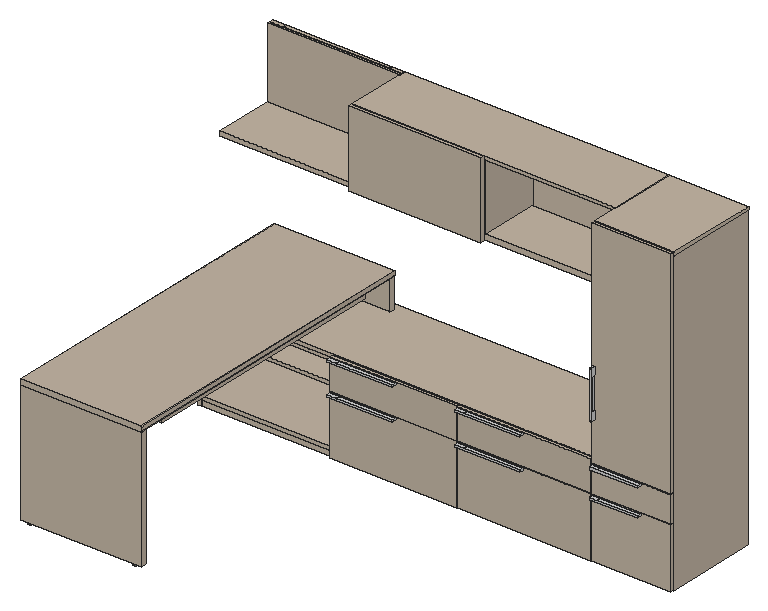
Revit family "FLT009", category Furniture, Revit 2015
Parameters
  Series = "Flux Laminate"
  Manufacturer = "JSI"
  Description = "FLT009"
Reference planes (in)
  plane 1 "Center Front/Back": y = 0
  plane 2: z = 0
  plane 3 "Center Left/Right": x = 0
Dimensions and locks (in)
  aligned and locked: level to plane 2
Nested families (in)
  nested 1: "JSI-Flux-Rec_Tbl_Desk-Sec_Sup" at (-35.72402, -7.43913, 0) x (0, -1, 0) z (0, 0, 1), type "FLT2872PDEPL, 72 x 28 Pen Tbl Dsk Sec Supp left, Laminate"
    with Width 6' - 0", Gld Pstn 5' - 11 9/32", Depth 2' - 3 1/2"
  nested 2: "JSI-Flux- 21H_File_Strg_Crdnz" at (-17.93587, 19.25, 0), type "FLT2290-21F066, Lt File Opn Strg Crdnz, Laminate"
    with Width 7' - 6", R_Shocket Dist 7' - 7", R_Pull Dist 4' - 11.61979", L_Socket Dist 1' - 0.29167", Shelf Width 2' - 5.70833", Partition Dist 2' - 4.95833", L_Pull_Bottom no, L_Pull Dist 2' - 6.38021", L_Pull no, L1_Partition no, F666 no, F066 yes, Ext_Shelf Width 2' - 6.45833", Door Width 2' - 6.33333", Door Dist 4' - 11.54167", Door Array Dist 0' - 0", C_Pull Dist 3' - 2.09115"
  nested 3: "JSI-Flux-Dbl_H-Wall_Mount_OH_Shelf" at (-17.83496, 19.25, 23.20059), type "FLT1530-17WMS, Wall Mount OH Shelf, Laminate"
    with Width 2' - 6"
  nested 4: "JSI-Flux-Wall_Mount_OH_Cab_Sldng_Dr" at (12.17594, 19.25, 23.21555), type "FLT1660-17WSD, Wall Mount OH Cab, Sldng Dr, Laminate"
    with Width 4' - 11 7/8", Partition Distance_R 2' - 5 9/16", Partition Distance_L 2' - 5 9/16", Door Width 2' - 5 7/8", Door Array Dist 0' - 0", Door Adjust Width 1' - 2 7/8", Door Adjust 4
  nested 5: "JSI-Flux-Wb_Sc_Ht" at (72.06413, 19.25, 0), type "FLT2218-69F5DR, BF Strg Cab, R, Laminate"
    with W yes, V_Void_Dist 0' - 2", V_Pull_L_R no, V_Pull_L_L yes, Top_Pull_Dist 0' - 0 5/16", R_Vertical_Pull_Dist 0' - 0 27/32", Partition no, L_Vertical_Pull_Dist 0' - 0 9/32", Hngr_R no, H_Void_Width 1' - 6 1/16", H_Void_Upper_Dist 0' - 2", H_Void_H_Dist 0' - 0", H_Dist_V_Void 0' - 8 31/32", H_Dist_C_Panel 0' - 0", Top_Shelf_Width 1' - 4 1/2", H_Dist_Top_Shelf 0' - 0 25/32", F7 no, F0 no, F no, C_Shelf_Width 1' - 4 1/2", C_Pull_Dist 0' - 0 5/16", Bottom_Shelf_Width 1' - 4 1/2", Bottom_Pull_Dist 0' - 0 5/16"
Definition of nested family "JSI-Flux-Rec_Tbl_Desk-Sec_Sup"
  Parameters (values of type "Type Catalog Family -Table Desk")
    Worksurface = none
    Width = 5' - 0"
    URL = "www.jsifurniture.com"
    Type Comments = ""
    Series = "FLUX"  # constant formula
    R Pnl H = if(R, 1' 9", 0' 0 5/16")  # 0' - 0 5/16"
    R = no
    Pnl Dist = if(R, Width - 0' 11 5/16", 0' 1 5/16")  # 0' - 1 5/16"
    Model = "FLT3466PDN"
    Material = ""
    Manufacturer = "JSI"  # constant formula
    L Pnl H = if(R, 0' 0 5/16", 1' 9")  # 1' - 9"
    Keynote = "12500"
    JSI Enviromental Website = "http://www.jsifurniture.com/jsi_sustainability_intro.php"
    Height = 2' - 5"
    Glides = none
    Gld Pstn = if(R, 0' 0 23/32", Width - 0' 0 23/32")  # 4' - 11 9/32"
    Frame = none
    Description = "66 X 34 Rectangular Peninsula Table Desk with End Leg Assembly and Panel End"
    Depth = 2' - 9 1/2"
    Chassis = none
    Assembly Code = "E2020200"
  Reference planes (in)
    plane 1: z = 0
    plane 2 "Center (Left/Right)": x = -36.06413
    plane 3: z = 29
    plane 4: z = 27.8125
    plane 5 "Center (Front/Back)": y = 10.75
    plane 6: z = 0.3125
    plane 7: y = -22.75
    plane 8: x = 23.93587
  Forms (in)
    Extrusion 1, solid, material <- "Worksurface"
      sketch origin (0, 0, 0) x (0, 1, 0) y (0, 0, 1)
        loop
          arc (10.625, 27.8125) -> (10.71339, 27.84911) -> (10.75, 27.9375) r 0.125
          line (10.75, 27.9375) -> (10.75, 28.875)
          arc (10.75, 28.875) -> (10.71339, 28.96339) -> (10.625, 29) r 0.125
          line (10.625, 29) -> (-22.625, 29)
          arc (-22.625, 29) -> (-22.71339, 28.96339) -> (-22.75, 28.875) r 0.125
          line (-22.75, 28.875) -> (-22.75, 27.9375)
          arc (-22.75, 27.9375) -> (-22.71339, 27.84911) -> (-22.625, 27.8125) r 0.125
          line (-22.625, 27.8125) -> (10.625, 27.8125)
      from -36.06413 to 23.93587
    Extrusion 2, solid, material <- "Glides"
      sketch origin (0, 0, 0) x (1, 0, 0) y (0, 1, 0)
        loop
          circle (23.21712, 8.87431) r 0.55846
        loop
          circle (23.21712, -20.87431) r 0.55846
      from 0 to 0.3125
    Extrusion 3, solid, material <- "Chassis"
      sketch origin (0, 9.92698, 5.11224) x (0, -1, 0) y (0, 0, -1)
        loop
          line (6.30198, -16.70026) -> (5.11448, -16.70026) -> (5.11448, -22.70026) -> (6.30198, -22.70026) -> (6.30198, -16.70026)
      from -34.75163 to 22.62337
    Extrusion 4, solid, material <- "Chassis"
      sketch origin (1.1875, 0, 0) x (1, 0, 0) y (0, 1, 0)
        loop
          line (-35.93913, -15.625) -> (-35.93913, -16.8125) -> (-25.93913, -16.8125) -> (-25.93913, -15.625) -> (-35.93913, -15.625)
      from 21 to 27.8125
    Extrusion 5, solid, material <- "Chassis"
      sketch origin (0, 0, 0) x (1, 0, 0) y (0, 1, 0)
        loop
          line (-35.93913, 10.625) -> (-35.93913, -22.625) -> (-34.75163, -22.625) -> (-34.75163, 10.625) -> (-35.93913, 10.625)
      from 21 to 27.8125
    Extrusion 6, solid, material <- "Chassis"
      sketch origin (0, 0, 0) x (1, 0, 0) y (0, 1, 0)
        loop
          line (22.62337, 10.625) -> (22.62337, -22.625) -> (23.81087, -22.625) -> (23.81087, 10.625) -> (22.62337, 10.625)
      from 0.3125 to 27.8125
  Lines and regions (in)
    symbolic lines
      curve 1: line (-36.06413, -22.75, 0) -> (23.93587, -22.75, 0)
      curve 2: line (-36.06413, 10.75, 0) -> (-36.06413, -22.75, 0)
      curve 3: line (23.93587, 10.75, 0) -> (-36.06413, 10.75, 0)
      curve 4: line (23.93587, -22.75, 0) -> (23.93587, 10.75, 0)
    symbolic lines, detail levels medium+fine
      curve 5: line (-35.93913, 10.625, 0) -> (-35.93913, -22.625, 0)
      curve 6: line (-34.75163, 10.625, 0) -> (-35.93913, 10.625, 0)
      curve 7: line (22.62337, 4.8125, 0) -> (-34.75163, 4.8125, 0)
      curve 8: line (-34.75163, 3.625, 0) -> (22.62337, 3.625, 0)
      curve 9: line (-34.75163, -22.625, 0) -> (-34.75163, 10.625, 0)
      curve 10: line (-35.93913, -22.625, 0) -> (-34.75163, -22.625, 0)
      curve 11: line (-34.72038, -15.625, 0) -> (-24.78288, -15.625, 0)
      curve 12: line (-34.72038, -16.8125, 0) -> (-34.72038, -15.625, 0)
      curve 13: line (-24.78288, -16.8125, 0) -> (-34.72038, -16.8125, 0)
      curve 14: line (-24.78288, -15.625, 0) -> (-24.78288, -16.8125, 0)
      curve 15: line (22.62337, 10.625, 0) -> (22.62337, -22.625, 0)
      curve 16: line (23.81087, 10.625, 0) -> (22.62337, 10.625, 0)
      curve 17: line (23.81087, -22.625, 0) -> (23.81087, 10.625, 0)
      curve 18: line (22.62337, -22.625, 0) -> (23.81087, -22.625, 0)
  Dimensions and locks (in)
    locked: plane 6 to level at 0.3125
    "Depth": plane 7 to plane 5 "Center (Front/Back)"
    locked: plane 3 to plane 4 at 1.1875
    plane 3 to level = 2' - 5"
    "Width": plane 2 "Center (Left/Right)" to plane 8
    locked: Extrusion 2 sketch curve to plane 5 "Center (Front/Back)" at 1.87569
    locked: plane 7 to Extrusion 2 sketch curve at 1.87569
    "Gld Pstn": plane 2 "Center (Left/Right)" to Extrusion 2 sketch curve  (x2)
    plane 5 "Center (Front/Back)" to Extrusion 3 sketch curve to Extrusion 3 sketch curve = 0' - 5 15/16" locked, 0' - 1 3/16" locked
    locked: plane 4 to Extrusion 3 sketch curve at 6
    locked: Extrusion 4 sketch curve to Extrusion 4 sketch curve at 1.1875
    locked: Extrusion 4 sketch curve to Extrusion 4 sketch curve at 10
    "Pnl Dist": plane 2 "Center (Left/Right)" to Extrusion 4
    locked: Extrusion 4 to curve 12 at 0.03125
    locked: curve 14 to Extrusion 4 at 0.03125
    "L Pnl H": Extrusion 5 to level
    "R Pnl H": Extrusion 6 to level
    locked: Extrusion 4 to level at 21
    aligned and locked: level to plane 1
    aligned and locked: Extrusion 1 sketch curve to plane 5 "Center (Front/Back)"
    aligned and locked: plane 3 to Extrusion 1 sketch curve
    aligned and locked: Extrusion 1 sketch curve to plane 4
    aligned and locked: plane 7 to Extrusion 1 sketch curve
    aligned and locked: Extrusion 1 to plane 2 "Center (Left/Right)"
    aligned and locked: plane 8 to Extrusion 1
    aligned and locked: Extrusion 2 to level
    aligned and locked: plane 6 to Extrusion 2
    aligned and locked: curve 2 to plane 2 "Center (Left/Right)"
    aligned and locked: plane 8 to curve 4
    aligned and locked: curve 3 to plane 5 "Center (Front/Back)"
    aligned and locked: plane 7 to curve 1
    aligned and locked: Extrusion 3 sketch curve to plane 4
    aligned and locked: curve 11 to Extrusion 4
    aligned and locked: curve 13 to Extrusion 4
    aligned and locked: plane 4 to Extrusion 4
    aligned and locked: Extrusion 5 sketch curve to curve 6
    aligned and locked: Extrusion 5 sketch curve to curve 5
    aligned and locked: Extrusion 5 sketch curve to curve 9
    aligned and locked: Extrusion 6 sketch curve to curve 16
    aligned and locked: Extrusion 6 sketch curve to curve 15
    aligned and locked: Extrusion 6 sketch curve to curve 18
    aligned and locked: Extrusion 6 sketch curve to curve 17
    aligned and locked: plane 4 to Extrusion 5
    aligned and locked: plane 4 to Extrusion 6
  Automatic sketch dimensions
    curve 5 to curve 9 = 0' - 1 3/16"
    curve 8 to curve 6 = 0' - 7"
    curve 8 to curve 7 = 0' - 1 3/16"
    Extrusion 1 sketch curve to Extrusion 1 sketch curve = 0' - 0 1/8"  (x3)
    plane 4 to Extrusion 1 sketch curve = 0' - 0 1/8"
    Extrusion 4 sketch curve to plane 8 = 4' - 10 11/16"
    Extrusion 4 sketch curve to plane 7 = 0' - 5 15/16"
    plane 2 "Center (Left/Right)" to curve 6 = 0' - 0 1/8"
    plane 5 "Center (Front/Back)" to curve 15 = 0' - 0 1/8"
    curve 15 to plane 8 = 0' - 1 5/16"
    curve 18 to plane 8 = 0' - 0 1/8"
    curve 15 to plane 7 = 0' - 0 1/8"
    curve 10 to plane 7 = 0' - 0 1/8"
    plane 5 "Center (Front/Back)" to curve 6 = 0' - 0 1/8"
    Extrusion 5 sketch curve to plane 7 = 0' - 0 1/8"
    radius of Extrusion 2 sketch curve = 0' - 0.55846"  (x2)
Definition of nested family "JSI-Flux- 21H_File_Strg_Crdnz"
  Parameters (values of type "Type Catalog - File Strg Crdnz")
    Worksurface = none
    Width = 8' - 0"
    URL = "www.jsifurniture.com"
    Type Comments = ""
    Top Doors = if(F909, 1 > 2, (if(F090, 1 > 2, (if(F09, 1 > 2, (if(F0, (if(F6, 2 > 1, 1 > 2)), 2 > 1)))))))  # yes
    TAG = if(F6, "BF", (if(F666, "BF - BF - BF", (if(F66, (if(F0, "Open", "BF - BF")), (if(F066, "Open - BF - BF", (if(F660, "BF - BF - Open", (if(F06, "Open - BF", (if(F60, "BF - Open", (if(F606, "BF - Open - BF", (if(F060, (if(F0, "Open", "Open - BF - Open")), (if(F909, "1 Door - Open - 1 Door", (if(F090, "Open - 1 Door - Open", (if(F09, (if(F0, "Open", "Open - 1 Door")), "Open")))))))))))))))))))))))  # "BF - BF - BF"
    R_Shocket Dist = if(F666, Width + 0' 1", (if(F066, Width + 0' 1", (if(F606, ((Width / 2) - 0' 3"), ((Partition Dist / 2) + 0' 0 13/16" - 0' 3"))))))  # 8' - 1"
    R_Pull_Bottom = if(F660, 1 > 2, (if(F60, 1 > 2, (if(F060, 1 > 2, (if(F909, 1 > 2, (if(F090, 1 > 2, (if(F09, 1 > 2, (if(F0, 1 > 2, 2 > 1)))))))))))))  # yes
    R_Pull Dist = if(F66, (Door Width + 0' 0 1/4" + 0' 0 5/64"), (if(F06, (Door Width + 0' 0 1/4" + 0' 0 5/64"), (Door Width + (Width - ((Door Width + 0' 0 1/8") * 2) + 0' 0 13/64")))))  # 5' - 3.61979"
    R_Pull = if(F660, 1 > 2, (if(F60, 1 > 2, (if(F060, 1 > 2, (if(F090, 1 > 2, (if(F0, 1 > 2, 2 > 1)))))))))  # yes
    R2_Partition = if(F660, 1 > 2, (if(F60, 1 > 2, (if(F09, 1 > 2, (if(Width < 3' 4", 1 > 2, 2 > 1)))))))  # yes
    R1_Partition = if(F06, 1 > 2, (if(F606, 1 > 2, (if(F060, 1 > 2, (if(F909, 1 > 2, (if(F090, 1 > 2, (if(Width < 3' 4", 1 > 2, 2 > 1)))))))))))  # yes
    L_Socket Dist = if(F666, Width + 0' 1", (if(F660, Width + 0' 1", (if(F606, ((Width / 2) - 0' 3"), ((Partition Dist / 2) + 0' 0 13/16" - 0' 3"))))))  # 8' - 1"
    Shelf Width = if(Width < 3' 6", Partition Dist + 0' 0 3/4", (if(F066, Partition Dist + 0' 0 3/4", (if(F660, Partition Dist + 0' 0 3/4", (if(F06, Partition Dist + 0' 0 3/4", (if(F60, Partition Dist + 0' 0 3/4", Partition Dist)))))))))  # 2' - 6.95833"
    Shelf Dist. = if(F660, ((Partition Dist * 2) + 0' 0 3/4" + 0' 0 13/16"), (if(F60, (Partition Dist + 0' 0 3/4" + 0' 0 13/16"), (if(F606, (Partition Dist + 0' 0 3/4" + 0' 0 13/16"), 0' 0 13/16")))))  # 0' - 0 13/16"
    Shelf Array Dist = if(F060, (if(F0, (if(Width > 3' 0", Shelf Width + 0' 0 3/4", 0' 0")), ((Shelf Width * 2) + 0' 1 1/2"))), (if(F909, Shelf Width + 0' 0 3/4", (if(F090, Shelf Width + 0' 0 3/4", 0' 0")))))  # 0' - 0"
    Partition Dist = if(Width > 6' 6", ((Width - 0' 1 5/8" - 0' 1 1/2") / 3), (if(Width > 3' 0", (((Width - 0' 1 5/8") / 2) - 0' 0 3/4"), (Width - 0' 0 3/4" - 0' 1 5/8"))))  # 2' - 6.95833"
    Shelf = none
    Series = "FLUX"  # constant formula
    Pull Finish = none
    Model = ""
    Manufacturer = "JSI"  # constant formula
    L_Pull_Bottom = if(F066, 1 > 2, (if(F06, 1 > 2, (if(F060, 1 > 2, (if(F909, 1 > 2, (if(F090, 1 > 2, (if(F09, 1 > 2, (if(F0, 1 > 2, 2 > 1)))))))))))))  # yes
    L_Pull Dist = Door Width + 0' 0 1/8" - 0' 0 5/64"  # 2' - 8.38021"
    L_Pull = if(F066, 1 > 2, (if(F06, 1 > 2, (if(F060, 1 > 2, (if(F090, 1 > 2, (if(F09, 1 > 2, (if(F0, 1 > 2, 2 > 1)))))))))))  # yes
    L2_Partition = if(F60, 1 > 2, (if(F606, 1 > 2, (if(F060, 1 > 2, (if(F909, 1 > 2, (if(F090, 1 > 2, (if(F09, 1 > 2, (if(Width < 3' 4", 1 > 2, 2 > 1)))))))))))))  # yes
    L1_Partition = if(F066, 1 > 2, (if(F06, 1 > 2, (if(Width < 3' 4", 1 > 2, 2 > 1)))))  # yes
    Keynote = "12500"
    JSI Enviromental Website = "http://www.jsifurniture.com/jsi_sustainability_intro.php"
    Height = 1' - 9 1/4"
    Glides = none
    Glide = if(Width > 3' 0", 2 > 1, 1 > 2)  # yes
    F909 = no
    F666 = yes
    F660 = no
    F66 = no
    F606 = no
    F60 = no
    F6 = no
    F090 = no
    F09 = no
    F066 = no
    F060 = no
    F06 = no
    F0 = no
    Ext_Shelf Width = Shelf Width + 0' 0 3/4"  # 2' - 7.70833"
    Ext_Shelf = if(F09, 2 > 1, (if(F60, 2 > 1, 1 > 2)))  # no
    Door Width = if(F09, Partition Dist + 0' 1 3/8" + 0' 0 3/4", (if(Width < 3' 6", (Width - 0' 0 1/4"), Partition Dist + 0' 1 3/8")))  # 2' - 8.33333"
    Door Height = if(F909, (Height - 0' 0 7/16" - 0' 0 1/8"), (if(F090, (Height - 0' 0 7/16" - 0' 0 1/8"), if(F09, (Height - 0' 0 7/16" - 0' 0 1/8"), 1' 1 9/16"))))  # 1' - 1 9/16"
    Door Dist = if(F066, ((Partition Dist * 2) + 0' 1 5/8"), (if(F06, (Partition Dist + 0' 1 5/8"), (if(F060, (Partition Dist + 0' 0 7/8"), (if(F090, (Partition Dist + 0' 0 7/8"), (if(F09, (Partition Dist + 0' 0 7/8"), 0' 0 1/8")))))))))  # 0' - 0 1/8"
    Door Array Dist = if(F606, (Door Width + Partition Dist + 0' 0 1/8"), (if(F909, (Door Width + Partition Dist + 0' 0 1/8"), (if(F666, (Door Width + Partition Dist + 0' 0 1/8"), (if(F66, (Door Width + 0' 0 1/8"), 0' 0")))))))  # 5' - 3.41667"
    Door = if(F0, (if(F6, 2 > 1, 1 > 2)), 2 > 1)  # yes
    C_Pull_Bottom = if(F666, 2 > 1, (if(F066, 2 > 1, (if(F660, 2 > 1, (if(F6, 2 > 1, (if(F060, (if(F0, 1 > 2, 2 > 1)), 1 > 2)))))))))  # yes
    C_Pull Dist = if(F066, Door Width + 0' 0 1/8" + 0' 7 55/128" + 0' 0 13/64", (if(F660, (Door Width + (Width - ((Door Width + 0' 0 1/8") * 2) - 0' 0 5/64" - 0' 7 55/128")), Width / 2)))  # 4' - 0"
    C_Pull = if(F666, 2 > 1, (if(F066, 2 > 1, (if(F660, 2 > 1, (if(F6, 2 > 1, (if(F090, 2 > 1, (if(F060, (if(F0, 1 > 2, 2 > 1)), 1 > 2)))))))))))  # yes
    C_Doors = if(F666, 2 > 1, (if(F066, 2 > 1, (if(F660, 2 > 1, 1 > 2)))))  # yes
    Back Panel = none
    Door Front = none
    Description = ""
    Depth = 1' - 10"
    Chassis = none
    Assembly Code = "E2020200"
    # of Shelf = if(F909, 3, (if(F090, 3, (if(F0, (if(Width > 6' 6", 3, 2)), 2)))))  # 2
    # of Doors = 2
  Reference planes (in)
    plane 1: z = 0
    plane 2 "Center (Left/Right)": x = -36.06413
    plane 3 "Center (Front/Back)": y = 10.75
    plane 4: x = 59.93587
    plane 5: x = -36.00163
    plane 6: y = 10.6875
    plane 7: x = 59.87337
    plane 8: x = 11.93587
    plane 9: y = 10.625
    plane 10: y = -11.25
    plane 11: y = -11.125
    plane 12: y = -10.375
    plane 13: y = 9.875
    plane 14: y = 8.6875
    plane 15: y = 6.5
    plane 16: y = 6
    plane 17: y = 5.875
    plane 18: y = -6.375
    plane 19: y = -8.125
    plane 20: z = 0.3125
    plane 21: z = 1.5
    plane 22: z = 2.25
    plane 23: z = 21.25
    plane 24: z = 20.5
    plane 25: z = 19.75
    plane 26: z = 17.75
    plane 27: z = 13.625
    plane 28: z = 14
    plane 29: z = 13.25
    plane 30: x = -4.2933
    plane 31: x = 28.16503
    plane 32: x = -3.5433
    plane 33: x = 27.41503
    plane 34: x = -35.25163
    plane 35: x = 59.12337
    plane 36: x = 9.93587
    plane 37: x = 13.93587
    plane 38: y = 8.4375
    plane 39: z = 16.125
    plane 40: x = 60.93587
    plane 41: x = 66.93587
    plane 42: x = 8.93587
    plane 43: x = 14.93587
    plane 44: y = 9.375
    plane 45: y = 6.875
    plane 46: z = 21.125
    plane 47: z = 0.4375
    plane 48: z = 14
    plane 49: x = -35.93913
    plane 50: x = 59.81087
    plane 51: x = -2.7933
    plane 52: x = 26.66503
    plane 53: x = -3.6058
    plane 54: x = -3.4808
    plane 55: x = 27.35253
    plane 56: x = 27.47753
    plane 57: x = -3.25163
    plane 58: x = 27.7067
    plane 59: x = 61.93587
    plane 60: x = 65.93587
    plane 61: x = -43.06413
    plane 62: x = -37.06413
    plane 63: x = -42.06413
    plane 64: x = -38.06413
    plane 65: x = -34.93913
    plane 66: x = 58.12337
    plane 67: y = -9.375
    plane 68: z = 20.92187
    plane 69: z = 13.79688
    plane 70: x = -3.68393
    plane 71: x = 11.93587
    plane 72: x = 27.55566
    plane 73: x = 11.93587
    plane 74: y = 0.15625
    plane 75: x = 11.93587
    plane 76: z = 0.3125
    plane 77: z = 14.125
    plane 78: x = -34.25163
  Forms (in)
    Extrusion 1, solid, material <- "Chassis"
      sketch origin (0, 0, 0) x (1, 0, 0) y (0, 1, 0)
        loop
          line (-36.00163, 10.6875) -> (-36.00163, -10.375) -> (-35.25163, -10.375) -> (-35.25163, 10.6875) -> (-36.00163, 10.6875)
      from 0.3125 to 20.5
    Extrusion 2, solid, material <- "Chassis"
      sketch origin (0, 0, 0) x (1, 0, 0) y (0, 1, 0)
        loop
          line (59.12337, 10.6875) -> (59.12337, -10.375) -> (59.87337, -10.375) -> (59.87337, 10.6875) -> (59.12337, 10.6875)
      from 0.3125 to 20.5
    Extrusion 3, solid, material <- "Worksurface"
      sketch origin (0, 0, 0) x (0, 1, 0) y (0, 0, 1)
        loop
          line (6, 19.75) -> (6, 20.5) -> (-10.375, 20.5) -> (-10.375, 19.75) -> (6, 19.75)
      from -35.25163 to 59.12337
    Extrusion 4, solid, material <- "Chassis"
      sketch origin (0, 0, 0) x (0, 1, 0) y (0, 0, 1)
        loop
          line (9.875, 2.25) -> (-10.375, 2.25) -> (-10.375, 1.5) -> (9.875, 1.5) -> (9.875, 2.25)
      from -35.25163 to 59.12337
    Extrusion 5, solid, material <- "Chassis", visible <- "L1_Partition"
      sketch origin (0, 0, 0) x (0, 1, 0) y (0, 0, 1)
        loop
          line (6.5, 19.75) -> (-10.375, 19.75) -> (-10.375, 2.25) -> (9.875, 2.25) -> (9.875, 17.75) -> (7, 17.75)
          arc (7, 17.75) -> (6.64645, 17.89645) -> (6.5, 18.25) r 0.5
          line (6.5, 18.25) -> (6.5, 19.75)
      from -4.2933 to -3.5433
    Extrusion 6, solid, material <- "Chassis", visible <- "R2_Partition"
      sketch origin (0, 0, 0) x (0, 1, 0) y (0, 0, 1)
        loop
          line (6.5, 19.75) -> (-10.375, 19.75) -> (-10.375, 2.25) -> (9.875, 2.25) -> (9.875, 17.75) -> (7, 17.75)
          arc (7, 17.75) -> (6.64645, 17.89645) -> (6.5, 18.25) r 0.5
          line (6.5, 18.25) -> (6.5, 19.75)
      from 27.41503 to 28.16503
    Extrusion 7, solid, material <- "Back Panel"
      sketch origin (0, 0, 0) x (0, 1, 0) y (0, 0, 1)
        loop
          line (8.6875, 20.5) -> (8.6875, 17.75) -> (9.875, 17.75) -> (9.875, 20.5) -> (8.6875, 20.5)
      from -35.25163 to 59.12337
    Extrusion 8, solid, material <- "Chassis"
      sketch origin (0, 0, 0) x (0, 1, 0) y (0, 0, 1)
        loop
          line (9.875, 1.5) -> (5.875, 1.5) -> (5.875, 0.3125) -> (9.875, 0.3125) -> (9.875, 1.5)
      from -35.25163 to 59.12337
    Extrusion 9, solid, material <- "Chassis"
      sketch origin (0, 0, 0) x (0, 1, 0) y (0, 0, 1)
        loop
          line (-6.375, 1.5) -> (-10.375, 1.5) -> (-10.375, 0.3125) -> (-6.375, 0.3125) -> (-6.375, 1.5)
      from -35.25163 to 59.12337
    Extrusion 10, solid, material <- "Shelf"
      sketch origin (-32, 0, -1.03125) x (1, 0, 0) y (0, 1, 0)
        loop
          line (27.7067, -8.125) -> (27.7067, 9.875) -> (-3.25163, 9.875) -> (-3.25163, -8.125) -> (27.7067, -8.125)
      from 14.28125 to 15.03125
    Extrusion 11, solid, material <- "Back Panel"
      sketch origin (0, 0, 0) x (1, 0, 0) y (0, 1, 0)
        loop
          line (59.12337, 10.625) -> (-35.25163, 10.625) -> (-35.25163, 9.875) -> (59.12337, 9.875) -> (59.12337, 10.625)
      from 0.3125 to 20.5
    Extrusion 12, solid, material <- "Chassis", visible <- "L2_Partition"
      sketch origin (0, 0, 0) x (0, 1, 0) y (0, 0, 1)
        loop
          line (6.5, 19.75) -> (-10.375, 19.75) -> (-10.375, 2.25) -> (9.875, 2.25) -> (9.875, 17.75) -> (7, 17.75)
          arc (7, 17.75) -> (6.64645, 17.89645) -> (6.5, 18.25) r 0.5
          line (6.5, 18.25) -> (6.5, 19.75)
      from -3.5433 to -2.7933
    Extrusion 13, solid, material <- "Chassis", visible <- "R1_Partition"
      sketch origin (0, 0, 0) x (0, 1, 0) y (0, 0, 1)
        loop
          line (6.5, 19.75) -> (-10.375, 19.75) -> (-10.375, 2.25) -> (9.875, 2.25) -> (9.875, 17.75) -> (7, 17.75)
          arc (7, 17.75) -> (6.64645, 17.89645) -> (6.5, 18.25) r 0.5
          line (6.5, 18.25) -> (6.5, 19.75)
      from 26.66503 to 27.41503
    Extrusion 14, void
      sketch origin (-1.5, 0, 0) x (1, 0, 0) y (0, 0, 1)
        loop
          line (62.43587, 15.125) -> (62.43587, 14.625)
          arc (62.43587, 14.625) -> (62.72876, 13.91789) -> (63.43587, 13.625) r 1
          line (63.43587, 13.625) -> (67.43587, 13.625)
          arc (67.43587, 13.625) -> (68.14297, 13.91789) -> (68.43587, 14.625) r 1
          line (68.43587, 14.625) -> (68.43587, 15.125)
          arc (68.43587, 15.125) -> (68.14297, 15.83211) -> (67.43587, 16.125) r 1
          line (67.43587, 16.125) -> (63.43587, 16.125)
          arc (63.43587, 16.125) -> (62.72876, 15.83211) -> (62.43587, 15.125) r 1
      from -10.75 to -9.875
    Extrusion 15, solid, material <- "Shelf"
      sketch origin (-32, 0, -1.03125) x (1, 0, 0) y (0, 1, 0)
        loop
          line (27.7067, -8.125) -> (27.7067, 9.875) -> (-3.25163, 9.875) -> (-3.25163, -8.125) -> (27.7067, -8.125)
      from 14.28125 to 15.03125
    Extrusion 16, void
      sketch origin (0, 0, 0) x (1, 0, 0) y (0, 1, 0)
        loop
          line (65.93587, 10.75) -> (61.93587, 10.75) -> (61.93587, 9.875)
          arc (61.93587, 9.875) -> (62.08231, 9.52145) -> (62.43587, 9.375) r 0.5
          line (62.43587, 9.375) -> (65.43587, 9.375)
          arc (65.43587, 9.375) -> (65.78942, 9.52145) -> (65.93587, 9.875) r 0.5
          line (65.93587, 9.875) -> (65.93587, 10.75)
      from 13.25 to 14
    Extrusion 17, void
      sketch origin (18, 0, 0) x (1, 0, 0) y (0, 1, 0)
        loop
          line (-56.06413, 10.75) -> (-60.06413, 10.75) -> (-60.06413, 9.875)
          arc (-60.06413, 9.875) -> (-59.91769, 9.52145) -> (-59.56413, 9.375) r 0.5
          line (-59.56413, 9.375) -> (-56.56413, 9.375)
          arc (-56.56413, 9.375) -> (-56.21058, 9.52145) -> (-56.06413, 9.875) r 0.5
          line (-56.06413, 9.875) -> (-56.06413, 10.75)
      from 13.25 to 14
    Extrusion 18, void
      sketch origin (0, 0, 0) x (1, 0, 0) y (0, 0, 1)
        loop
          arc (-42.06413, 16.125) -> (-42.77124, 15.83211) -> (-43.06413, 15.125) r 1
          line (-43.06413, 15.125) -> (-43.06413, 14.625)
          arc (-43.06413, 14.625) -> (-42.77124, 13.91789) -> (-42.06413, 13.625) r 1
          line (-42.06413, 13.625) -> (-38.06413, 13.625)
          arc (-38.06413, 13.625) -> (-37.35703, 13.91789) -> (-37.06413, 14.625) r 1
          line (-37.06413, 14.625) -> (-37.06413, 15.125)
          arc (-37.06413, 15.125) -> (-37.35703, 15.83211) -> (-38.06413, 16.125) r 1
          line (-38.06413, 16.125) -> (-42.06413, 16.125)
      from -10.75 to -9.875
    Extrusion 19, solid, material <- "Door Front", visible <- "C_Doors"
      sketch origin (0, 0, 0) x (1, 0, 0) y (0, 1, 0)
        loop
          line (-3.4808, -10.375) -> (-3.4808, -11.125) -> (27.35253, -11.125) -> (27.35253, -10.375) -> (-3.4808, -10.375)
      from 0.4375 to 14
    Extrusion 20, solid, material <- "Door Front", visible <- "C_Doors"
      sketch origin (0, 0, 0) x (1, 0, 0) y (0, 1, 0)
        loop
          line (-3.4808, -10.375) -> (-3.4808, -11.125) -> (27.35253, -11.125) -> (27.35253, -10.375) -> (-3.4808, -10.375)
      from 14.125 to 21.125
    Extrusion 21, solid, material <- "Door Front", visible <- "Door"
      sketch origin (0, 0, 0) x (1, 0, 0) y (0, 0, 1)
        loop
          line (-35.93913, 14) -> (-35.93913, 0.4375) -> (-3.6058, 0.4375) -> (-3.6058, 14) -> (-35.93913, 14)
      from 10.375 to 11.125
    Extrusion 22, solid, material <- "Door Front", visible <- "Top Doors"
      sketch origin (0, 0, -6.5625) x (1, 0, 0) y (0, 0, 1)
        loop
          line (-35.93913, 27.6875) -> (-35.93913, 20.6875) -> (-3.6058, 20.6875) -> (-3.6058, 27.6875) -> (-35.93913, 27.6875)
      from 10.375 to 11.125
    Extrusion 23, solid, material <- "Door Front", visible <- "Door"
      sketch origin (63.41667, 0, 0) x (1, 0, 0) y (0, 0, 1)
        loop
          line (-35.93913, 14) -> (-35.93913, 0.4375) -> (-3.6058, 0.4375) -> (-3.6058, 14) -> (-35.93913, 14)
      from 10.375 to 11.125
    Extrusion 24, solid, material <- "Door Front", visible <- "Top Doors"
      sketch origin (63.41667, 0, -6.5625) x (1, 0, 0) y (0, 0, 1)
        loop
          line (-35.93913, 27.6875) -> (-35.93913, 20.6875) -> (-3.6058, 20.6875) -> (-3.6058, 27.6875) -> (-35.93913, 27.6875)
      from 10.375 to 11.125
    Extrusion 25, solid, material <- "Worksurface"
      sketch origin (0, 0, 0) x (0, 1, 0) y (0, 0, 1)
        loop
          line (10.75, 21.25) -> (-10.375, 21.25) -> (-10.375, 20.5) -> (10.75, 20.5) -> (10.75, 21.25)
      from -36.06413 to 59.93587
    Extrusion 26, solid, material <- "Shelf", visible <- "Ext_Shelf"
      sketch origin (0, 0, 0) x (1, 0, 0) y (0, 1, 0)
        loop
          line (59.12337, 9.875) -> (27.41503, 9.875) -> (27.41503, -8.125) -> (59.12337, -8.125) -> (59.12337, 9.875)
      from 13.25 to 14
    Extrusion 27, solid, material <- "Glides"
      sketch origin (0, 0, 0) x (1, 0, 0) y (0, 1, 0)
        loop
          circle (-34.25163, 8.6875) r 0.5
      from 0 to 0.3125
    Extrusion 28, solid, material <- "Glides", visible <- "Glide"
      sketch origin (0, 0, 0) x (1, 0, 0) y (0, 1, 0)
        loop
          circle (-3.5433, 8.6875) r 0.5
      from 0 to 0.3125
    Extrusion 29, solid, material <- "Glides", visible <- "Glide"
      sketch origin (0, 0, 0) x (1, 0, 0) y (0, 1, 0)
        loop
          circle (27.47753, 8.6875) r 0.5
      from 0 to 0.3125
    Extrusion 30, solid, material <- "Glides"
      sketch origin (0, 0, 0) x (1, 0, 0) y (0, 1, 0)
        loop
          circle (58.12337, 8.6875) r 0.5
      from 0 to 0.3125
    Extrusion 31, solid, material <- "Glides"
      sketch origin (0, 0, 0) x (1, 0, 0) y (0, 1, 0)
        loop
          circle (-34.25163, -9.375) r 0.5
      from 0 to 0.3125
    Extrusion 32, solid, material <- "Glides", visible <- "Glide"
      sketch origin (0, 0, 0) x (1, 0, 0) y (0, 1, 0)
        loop
          circle (-3.5433, -9.375) r 0.5
      from 0 to 0.3125
    Extrusion 33, solid, material <- "Glides", visible <- "Glide"
      sketch origin (0, 0, 0) x (1, 0, 0) y (0, 1, 0)
        loop
          circle (27.47753, -9.375) r 0.5
      from 0 to 0.3125
    Extrusion 34, solid, material <- "Glides"
      sketch origin (0, 0, 0) x (1, 0, 0) y (0, 1, 0)
        loop
          circle (58.12337, -9.375) r 0.5
      from 0 to 0.3125
  Cuts and joins
    Extrusion 14, Extrusion 18 cuts Extrusion 11
    Extrusion 16, Extrusion 17 cuts Extrusion 10
    Extrusion 16, Extrusion 17 cuts Extrusion 15
  Lines and regions (in)
    symbolic lines
      curve 1: line (59.93587, 10.75, 0) -> (-36.06413, 10.75, 0)
      curve 2: line (-36.06413, 10.75, 0) -> (-36.06413, -11.25, 0)
      curve 3: line (59.93587, -11.25, 0) -> (-36.06413, -11.25, 0)
      curve 4: line (59.93587, 10.75, 0) -> (59.93587, -11.25, 0)
    symbolic lines, detail levels medium+fine
      curve 5: line (-36.00163, 10.6875, 0) -> (-36.00163, -10.375, 0)
      curve 6: line (-35.25163, 10.6875, 0) -> (-36.00163, 10.6875, 0)
      curve 7: line (-35.25163, 10.6875, 0) -> (-35.25163, -10.375, 0)
      curve 8: line (-35.25163, -10.375, 0) -> (-36.00163, -10.375, 0)
      curve 9: line (59.12337, 10.6875, 0) -> (59.12337, -10.375, 0)
      curve 10: line (59.87337, 10.6875, 0) -> (59.87337, -10.375, 0)
      curve 11: line (59.87337, 10.6875, 0) -> (59.12337, 10.6875, 0)
      curve 12: line (59.12337, 10.625, 0) -> (-35.25163, 10.625, 0)
      curve 13: line (59.12337, 9.875, 0) -> (-35.25163, 9.875, 0)
      curve 30: line (59.87337, -10.375, 0) -> (59.12337, -10.375, 0)
    symbolic lines, visible <- "L1_Partition", detail levels medium+fine
      curve 14: line (-4.2933, 9.875, 0) -> (-4.2933, -10.375, 0)
      curve 15: line (-3.5433, 9.875, 0) -> (-3.5433, -10.375, 0)
      curve 16: line (-3.5433, 9.875, 0) -> (-4.2933, 9.875, 0)
      curve 17: line (-3.5433, -10.375, 0) -> (-4.2933, -10.375, 0)
    symbolic lines, visible <- "L2_Partition", detail levels medium+fine
      curve 18: line (-3.5433, 9.875, 0) -> (-3.5433, -10.375, 0)
      curve 19: line (-2.7933, 9.875, 0) -> (-2.7933, -10.375, 0)
      curve 20: line (-2.7933, 9.875, 0) -> (-3.5433, 9.875, 0)
      curve 21: line (-2.7933, -10.375, 0) -> (-3.5433, -10.375, 0)
    symbolic lines, visible <- "R1_Partition", detail levels medium+fine
      curve 22: line (26.66503, 9.875, 0) -> (26.66503, -10.375, 0)
      curve 23: line (27.41503, 9.875, 0) -> (27.41503, -10.375, 0)
      curve 24: line (27.41503, 9.875, 0) -> (26.66503, 9.875, 0)
      curve 25: line (27.41503, -10.375, 0) -> (26.66503, -10.375, 0)
    symbolic lines, visible <- "R2_Partition", detail levels medium+fine
      curve 26: line (27.41503, 9.875, 0) -> (27.41503, -10.375, 0)
      curve 27: line (28.16503, 9.875, 0) -> (28.16503, -10.375, 0)
      curve 28: line (28.16503, -10.375, 0) -> (27.41503, -10.375, 0)
      curve 29: line (28.16503, 9.875, 0) -> (27.41503, 9.875, 0)
  Dimensions and locks (in)
    plane 2 "Center (Left/Right)" to plane 5 to plane 49 = 0' - 0 1/16" locked, 0' - 0 1/16" locked
    plane 50 to plane 7 to plane 4 = 0' - 0 1/16" locked, 0' - 0 1/16" locked
    "Width": plane 2 "Center (Left/Right)" to plane 4
    equal spacing: plane 2 "Center (Left/Right)", plane 8, plane 4
    plane 14 to plane 13 to plane 9 to plane 6 to plane 3 "Center (Front/Back)" = 0' - 1 3/16" locked, 0' - 0 3/4" locked, 0' - 0 1/16" locked, 0' - 0 1/16" locked
    "Depth": plane 10 to plane 3 "Center (Front/Back)"
    plane 10 to plane 11 to plane 12 = 0' - 0 1/8" locked, 0' - 0 3/4" locked
    plane 16 to plane 15 to plane 13 = 0' - 0 1/2" locked, 0' - 3 3/8" locked
    locked: plane 17 to plane 13 at 4
    locked: plane 12 to plane 18 at 4
    locked: plane 12 to plane 19 at 2.25
    locked: plane 23 to plane 24 at 0.75
    plane 24 to plane 25 to plane 26 = 0' - 0 3/4" locked, 0' - 2" locked
    locked: plane 22 to plane 21 at 0.75
    locked: plane 28 to plane 29 at 0.75
    plane 30 to plane 32 to plane 51 = 0' - 0 3/4" locked, 0' - 0 3/4" locked
    plane 52 to plane 33 to plane 31 = 0' - 0 3/4" locked, 0' - 0 3/4" locked
    locked: plane 5 to plane 34 at 0.75
    locked: plane 35 to plane 7 at 0.75
    locked: plane 36 to plane 37 at 4
    equal spacing: plane 36, plane 8, plane 37
    locked: plane 38 to plane 13 at 1.4375
    locked: plane 39 to plane 27 at 2.5
    locked: plane 40 to plane 41 at 6
    locked: plane 42 to plane 43 at 6
    equal spacing: plane 42, plane 8, plane 43
    plane 45 to plane 44 to plane 13 = 0' - 2 1/2" locked, 0' - 0 1/2" locked
    locked: plane 47 to plane 20 at 0.125
    locked: plane 48 to plane 47 at 13.5625
    plane 53 to plane 32 to plane 54 = 0' - 0 1/16" locked, 0' - 0 1/16" locked
    plane 55 to plane 33 to plane 56 = 0' - 0 1/16" locked, 0' - 0 1/16" locked
    "Partition Dist": plane 34 to plane 30
    "Partition Dist": plane 31 to plane 35
    Extrusion 14 sketch curve to Extrusion 14 sketch curve = 0' - 6"
    "Shelf Width": plane 57 to plane 58
    group 1 to group 2 = 0' - 0"  (x3)
    "Shelf Array Dist": Extrusion 10 to Extrusion 15
    "Shelf Dist.": plane 2 "Center (Left/Right)" to Extrusion 10
    locked: plane 40 to plane 59 at 1
    locked: plane 60 to plane 41 at 1
    locked: plane 61 to plane 62 at 6
    locked: plane 61 to plane 63 at 1
    locked: plane 64 to plane 62 at 1
    "L_Socket Dist": plane 2 "Center (Left/Right)" to plane 40
    "R_Shocket Dist": plane 62 to plane 4
    "Shelf Width": Extrusion 10 sketch curve to Extrusion 10 sketch curve
    "Shelf Width": Extrusion 15 sketch curve to Extrusion 15 sketch curve
    "Door Height": Extrusion 21 sketch curve to Extrusion 21 sketch curve
    "Door Width": Extrusion 21 sketch curve to Extrusion 21 sketch curve
    "Door Width": Extrusion 22 sketch curve to Extrusion 22 sketch curve
    "Door Height": Extrusion 23 sketch curve to Extrusion 23 sketch curve
    "Door Width": Extrusion 23 sketch curve to Extrusion 23 sketch curve
    group 3 to group 4 = 5' - 3.41667"
    group 3 to group 4 = 0' - 0"  (x2)
    "Door Array Dist": Extrusion 21 to Extrusion 23
    "Door Dist": Extrusion 21 to plane 2 "Center (Left/Right)"
    "Door Width": Extrusion 24 sketch curve to Extrusion 24 sketch curve
    group 5 to group 6 = 5' - 3.41667"
    group 5 to group 6 = 0' - 0"  (x2)
    "Door Array Dist": Extrusion 22 to Extrusion 24
    "Door Dist": Extrusion 22 to plane 2 "Center (Left/Right)"
    locked: plane 49 to plane 65 at 1
    locked: plane 66 to plane 35 at 1
    locked: plane 12 to plane 67 at 1
    locked: plane 48 to plane 69 at 0.20312
    locked: plane 46 to plane 68 at 0.20313
    "L_Pull Dist": plane 2 "Center (Left/Right)" to plane 70
    "C_Pull Dist": plane 2 "Center (Left/Right)" to plane 71
    "R_Pull Dist": plane 2 "Center (Left/Right)" to plane 72
    equal spacing: plane 2 "Center (Left/Right)", plane 73, plane 4
    equal spacing: plane 12, plane 74, plane 6
    equal spacing: plane 2 "Center (Left/Right)", plane 75, plane 4
    locked: plane 21 to plane 20 at 1.1875
    "Ext_Shelf Width": Extrusion 26 sketch curve to Extrusion 26 sketch curve
    locked: plane 76 to plane 1 at 0.3125
    locked: plane 23 to plane 46 at 0.125
    locked: plane 46 to plane 77 at 7
    locked: plane 26 to plane 39 at 1.625
    "Height": plane 23 to plane 1
    locked: plane 34 to plane 78 at 1
    radius of Extrusion 27 sketch curve = 0' - 0 1/2"
    radius of Extrusion 28 sketch curve = 0' - 0 1/2"
    radius of Extrusion 29 sketch curve = 0' - 0 1/2"
    radius of Extrusion 30 sketch curve = 0' - 0 1/2"
    radius of Extrusion 31 sketch curve = 0' - 0 1/2"
    radius of Extrusion 32 sketch curve = 0' - 0 1/2"
    radius of Extrusion 33 sketch curve = 0' - 0 1/2"
    radius of Extrusion 34 sketch curve = 0' - 0 1/2"
    aligned and locked: level to plane 1
    aligned and locked: Extrusion 1 sketch curve to plane 5
    aligned and locked: Extrusion 1 sketch curve to plane 6
    aligned and locked: Extrusion 1 sketch curve to plane 34
    aligned and locked: Extrusion 1 sketch curve to plane 12
    aligned and locked: Extrusion 2 sketch curve to plane 35
    aligned and locked: Extrusion 2 sketch curve to plane 7
    aligned and locked: Extrusion 2 sketch curve to plane 6
    aligned and locked: Extrusion 2 sketch curve to plane 12
    aligned and locked: plane 24 to Extrusion 1
    aligned and locked: Extrusion 1 to plane 20
    aligned and locked: plane 24 to Extrusion 2
    aligned and locked: Extrusion 2 to plane 20
    aligned and locked: plane 25 to Extrusion 3 sketch curve
    aligned and locked: plane 24 to Extrusion 3 sketch curve
    aligned and locked: plane 16 to Extrusion 3 sketch curve
    aligned and locked: plane 12 to Extrusion 3 sketch curve
    aligned and locked: Extrusion 3 to plane 34
    aligned and locked: plane 35 to Extrusion 3
    aligned and locked: plane 22 to Extrusion 4 sketch curve
    aligned and locked: plane 21 to Extrusion 4 sketch curve
    aligned and locked: plane 13 to Extrusion 4 sketch curve
    aligned and locked: plane 12 to Extrusion 4 sketch curve
    aligned and locked: Extrusion 4 to plane 34
    aligned and locked: plane 35 to Extrusion 4
    aligned and locked: plane 25 to Extrusion 5 sketch curve
    aligned and locked: plane 15 to Extrusion 5 sketch curve
    aligned and locked: plane 26 to Extrusion 5 sketch curve
    aligned and locked: plane 13 to Extrusion 5 sketch curve
    aligned and locked: plane 22 to Extrusion 5 sketch curve
    aligned and locked: plane 12 to Extrusion 5 sketch curve
    aligned and locked: Extrusion 5 to plane 30
    aligned and locked: plane 32 to Extrusion 5
    aligned and locked: plane 25 to Extrusion 6 sketch curve
    aligned and locked: plane 12 to Extrusion 6 sketch curve
    aligned and locked: plane 15 to Extrusion 6 sketch curve
    aligned and locked: plane 26 to Extrusion 6 sketch curve
    aligned and locked: plane 13 to Extrusion 6 sketch curve
    aligned and locked: plane 22 to Extrusion 6 sketch curve
    aligned and locked: plane 31 to Extrusion 6
    aligned and locked: Extrusion 6 to plane 33
    aligned and locked: plane 14 to Extrusion 7 sketch curve
    aligned and locked: plane 13 to Extrusion 7 sketch curve
    aligned and locked: plane 24 to Extrusion 7 sketch curve
    aligned and locked: plane 26 to Extrusion 7 sketch curve
    aligned and locked: Extrusion 7 to plane 34
    aligned and locked: plane 35 to Extrusion 7
    aligned and locked: plane 13 to Extrusion 8 sketch curve
    aligned and locked: plane 17 to Extrusion 8 sketch curve
    aligned and locked: plane 20 to Extrusion 8 sketch curve
    aligned and locked: plane 21 to Extrusion 8 sketch curve
    aligned and locked: plane 18 to Extrusion 9 sketch curve
    aligned and locked: plane 12 to Extrusion 9 sketch curve
    aligned and locked: plane 21 to Extrusion 9 sketch curve
    aligned and locked: plane 20 to Extrusion 9 sketch curve
    aligned and locked: Extrusion 8 to plane 34
    aligned and locked: Extrusion 9 to plane 34
    aligned and locked: plane 35 to Extrusion 8
    aligned and locked: plane 35 to Extrusion 9
    aligned and locked: plane 28 to Extrusion 10
    aligned and locked: Extrusion 11 sketch curve to plane 9
    aligned and locked: Extrusion 11 sketch curve to plane 13
    aligned and locked: Extrusion 11 sketch curve to plane 34
    aligned and locked: Extrusion 11 sketch curve to plane 35
    aligned and locked: Extrusion 11 to plane 20
    aligned and locked: plane 24 to Extrusion 11
    aligned and locked: plane 25 to Extrusion 12 sketch curve
    aligned and locked: plane 12 to Extrusion 12 sketch curve
    aligned and locked: plane 13 to Extrusion 12 sketch curve
    aligned and locked: plane 22 to Extrusion 12 sketch curve
    aligned and locked: plane 15 to Extrusion 12 sketch curve
    aligned and locked: plane 26 to Extrusion 12 sketch curve
    aligned and locked: Extrusion 12 to plane 32
    aligned and locked: plane 51 to Extrusion 12
    aligned and locked: plane 25 to Extrusion 13 sketch curve
    aligned and locked: plane 12 to Extrusion 13 sketch curve
    aligned and locked: plane 13 to Extrusion 13 sketch curve
    aligned and locked: plane 22 to Extrusion 13 sketch curve
    aligned and locked: plane 15 to Extrusion 13 sketch curve
    aligned and locked: plane 26 to Extrusion 13 sketch curve
    aligned and locked: plane 33 to Extrusion 13
    aligned and locked: Extrusion 13 to plane 52
    aligned and locked: Extrusion 14 to plane 3 "Center (Front/Back)"
    aligned and locked: plane 13 to Extrusion 14
    aligned and locked: cut or joined group of Extrusion 11, Extrusion 14, Extrusion 18 to plane 40
    aligned and locked: plane 41 to cut or joined group of Extrusion 11, Extrusion 14, Extrusion 18
    aligned and locked: Extrusion 16 sketch curve to plane 3 "Center (Front/Back)"
    aligned and locked: Extrusion 16 sketch curve to plane 44
    aligned and locked: Extrusion 16 sketch curve to plane 59
    aligned and locked: Extrusion 16 sketch curve to plane 60
    aligned and locked: plane 28 to Extrusion 16
    aligned and locked: Extrusion 16 to plane 29
    aligned and locked: Extrusion 17 sketch curve to plane 63
    aligned and locked: Extrusion 17 sketch curve to plane 64
    aligned and locked: Extrusion 17 sketch curve to plane 3 "Center (Front/Back)"
    aligned and locked: Extrusion 17 sketch curve to plane 44
    aligned and locked: Extrusion 18 sketch curve to plane 39
    aligned and locked: Extrusion 18 sketch curve to plane 27
    aligned and locked: Extrusion 18 sketch curve to plane 61
    aligned and locked: Extrusion 18 sketch curve to plane 62
    aligned and locked: Extrusion 18 to plane 3 "Center (Front/Back)"
    aligned and locked: plane 13 to Extrusion 18
    aligned and locked: Extrusion 19 sketch curve to plane 54
    aligned and locked: Extrusion 19 sketch curve to plane 55
    aligned and locked: Extrusion 19 sketch curve to plane 12
    aligned and locked: Extrusion 19 sketch curve to plane 11
    aligned and locked: Extrusion 20 sketch curve to plane 54
    aligned and locked: Extrusion 20 sketch curve to plane 55
    aligned and locked: Extrusion 20 sketch curve to plane 12
    aligned and locked: Extrusion 20 sketch curve to plane 11
    aligned and locked: plane 46 to Extrusion 20
    aligned and locked: Extrusion 19 to plane 47
    aligned and locked: Extrusion 22 to plane 12
    aligned and locked: Extrusion 21 to plane 12
    aligned and locked: plane 11 to Extrusion 22
    aligned and locked: plane 11 to Extrusion 21
    aligned and locked: plane 46 to Extrusion 22
    aligned and locked: plane 46 to Extrusion 24
    aligned and locked: Extrusion 21 to plane 47  (x3)
    aligned and locked: plane 3 "Center (Front/Back)" to Extrusion 25 sketch curve
    aligned and locked: plane 23 to Extrusion 25 sketch curve
    aligned and locked: plane 24 to Extrusion 25 sketch curve
    aligned and locked: Extrusion 25 to plane 2 "Center (Left/Right)"
    aligned and locked: plane 4 to Extrusion 25
    aligned and locked: curve 1 to plane 3 "Center (Front/Back)"
    aligned and locked: curve 2 to plane 2 "Center (Left/Right)"
    aligned and locked: curve 3 to plane 10
    aligned and locked: curve 4 to plane 4
    aligned and locked: plane 68 to nested 1
    aligned and locked: plane 70 to nested 1
    aligned and locked: plane 69 to nested 2
    aligned and locked: plane 70 to nested 2
    aligned and locked: plane 71 to nested 3
    aligned and locked: plane 71 to nested 4
    aligned and locked: plane 69 to nested 4
    aligned and locked: plane 68 to nested 3
    aligned and locked: nested 5 to plane 72
    aligned and locked: nested 6 to plane 72
    aligned and locked: plane 69 to nested 6
    aligned and locked: plane 68 to nested 5
    aligned and locked: plane 11 to nested 1
    aligned and locked: plane 11 to nested 3
    aligned and locked: plane 11 to nested 5
    aligned and locked: plane 11 to nested 2
    aligned and locked: plane 11 to nested 4
    aligned and locked: plane 11 to nested 6
    aligned and locked: plane 10 to nested 7
    aligned and locked: plane 73 to nested 7
    aligned and locked: curve 5 to plane 5
    aligned and locked: curve 6 to plane 6
    aligned and locked: curve 7 to plane 34
    aligned and locked: curve 8 to plane 12
    aligned and locked: curve 9 to plane 35
    aligned and locked: curve 10 to plane 7
    aligned and locked: curve 11 to plane 6
    aligned and locked: plane 34 to curve 12
    aligned and locked: plane 35 to curve 12
    aligned and locked: plane 35 to curve 13
    aligned and locked: curve 14 to plane 30
    aligned and locked: curve 15 to plane 32
    aligned and locked: curve 16 to plane 13
    aligned and locked: curve 17 to plane 12
    aligned and locked: curve 19 to plane 51
    aligned and locked: curve 20 to plane 13
    aligned and locked: curve 21 to plane 12
    aligned and locked: curve 22 to plane 52
    aligned and locked: curve 24 to plane 13
    aligned and locked: curve 25 to plane 12
    aligned and locked: curve 26 to plane 33
    aligned and locked: curve 27 to plane 31
    aligned and locked: curve 28 to plane 12
    aligned and locked: curve 29 to plane 13
    aligned and locked: plane 48 to Extrusion 19
    aligned and locked: Extrusion 23 to plane 47  (x2)
    aligned and locked: plane 28 to Extrusion 15
    aligned and locked: plane 28 to plane 48
    aligned and locked: plane 28 to Extrusion 17
    aligned and locked: Extrusion 17 to plane 29
    aligned and locked: Extrusion 26 sketch curve to plane 13
    aligned and locked: Extrusion 26 sketch curve to plane 35
    aligned and locked: Extrusion 26 sketch curve to plane 19
    aligned and locked: plane 48 to Extrusion 26
    aligned and locked: Extrusion 26 to plane 29
    aligned and locked: Extrusion 22 to plane 77
    aligned and locked: Extrusion 20 to plane 77
    aligned and locked: plane 12 to Extrusion 25 sketch curve
    aligned and locked: Extrusion 27 to plane 1
    aligned and locked: Extrusion 31 to plane 1
    aligned and locked: plane 76 to Extrusion 27
    aligned and locked: plane 76 to Extrusion 31
    aligned and locked: Extrusion 28 to plane 1
    aligned and locked: Extrusion 32 to plane 1
    aligned and locked: plane 76 to Extrusion 28
    aligned and locked: plane 76 to Extrusion 32
    aligned and locked: Extrusion 29 to plane 1
    aligned and locked: Extrusion 33 to plane 1
    aligned and locked: plane 76 to Extrusion 29
    aligned and locked: plane 76 to Extrusion 33
    aligned and locked: plane 1 to Extrusion 30
    aligned and locked: plane 1 to Extrusion 34
    aligned and locked: plane 20 to Extrusion 30
    aligned and locked: plane 20 to Extrusion 34
    aligned and locked: curve 30 to plane 12
  Automatic sketch dimensions
    Extrusion 5 sketch curve to plane 45 = 0' - 0 1/8"
    Extrusion 6 sketch curve to plane 45 = 0' - 0 1/8"
    Extrusion 12 sketch curve to plane 45 = 0' - 0 1/8"
    Extrusion 13 sketch curve to plane 45 = 0' - 0 1/8"
    plane 13 to Extrusion 16 sketch curve = 0' - 0"  (x2)
    plane 13 to Extrusion 17 sketch curve = 0' - 0"  (x2)
    Extrusion 18 sketch curve to plane 63 = 0' - 0"  (x2)
    Extrusion 18 sketch curve to plane 64 = 0' - 0"  (x2)
    Extrusion 14 sketch curve to plane 40 = 0' - 0"
    Extrusion 14 sketch curve to plane 27 = 0' - 0"
    Extrusion 14 sketch curve to plane 59 = 0' - 0"  (x2)
    Extrusion 14 sketch curve to plane 39 = 0' - 0"
    Extrusion 14 sketch curve to plane 60 = 0' - 0"  (x2)
    Extrusion 10 sketch curve to Extrusion 10 sketch curve = 1' - 6"
    Extrusion 15 sketch curve to Extrusion 15 sketch curve = 1' - 6"
    plane 13 to curve 13 = 0' - 0"
    plane 9 to curve 12 = 0' - 0"
    Extrusion 22 sketch curve to Extrusion 22 sketch curve = 0' - 7"
    Extrusion 24 sketch curve to Extrusion 24 sketch curve = 0' - 7"
    plane 14 to Extrusion 27 sketch curve = 0' - 0"
    Extrusion 27 sketch curve to plane 78 = 0' - 0"
    plane 14 to Extrusion 28 sketch curve = 0' - 0"
    Extrusion 28 sketch curve to plane 32 = 0' - 0"
    plane 14 to Extrusion 29 sketch curve = 0' - 0"
    Extrusion 29 sketch curve to plane 56 = 0' - 0"
    plane 14 to Extrusion 30 sketch curve = 0' - 0"
    Extrusion 30 sketch curve to plane 66 = 0' - 0"
    plane 67 to Extrusion 31 sketch curve = 0' - 0"
    Extrusion 31 sketch curve to plane 78 = 0' - 0"
    Extrusion 32 sketch curve to plane 32 = 0' - 0"
    plane 67 to Extrusion 32 sketch curve = 0' - 0"
    Extrusion 33 sketch curve to plane 56 = 0' - 0"
    plane 67 to Extrusion 33 sketch curve = 0' - 0"
    Extrusion 34 sketch curve to plane 66 = 0' - 0"
    plane 67 to Extrusion 34 sketch curve = 0' - 0"
  Nested families (in)
    nested 1: "Bar Pull C_Long" at (-14.35519, -11.125, 20.92187), visible <- "L_Pull", Pull Finish <- "Pull Finish", Pull Lines <- "L_Pull", type "PL"
      with Pull Lines yes, Pull Finish none
    nested 2: "Bar Pull C_Long" at (-14.35519, -11.125, 13.79688), Pull Finish <- "Pull Finish", visible <- "L_Pull_Bottom", Pull Lines <- "L_Pull_Bottom", type "PL"
      with Pull Lines yes, Pull Finish none
    nested 3: "Bar Pull C_Long" at (8.69374, -11.125, 20.92187), visible <- "C_Pull", Pull Finish <- "Pull Finish", Pull Lines <- "C_Pull", type "PL"
      with Pull Lines yes, Pull Finish none
    nested 4: "Bar Pull C_Long" at (8.69374, -11.125, 13.79688), Pull Finish <- "Pull Finish", Pull Lines <- "C_Pull_Bottom", visible <- "C_Pull_Bottom", type "PL"
      with Pull Lines yes, Pull Finish none
    nested 5: "Bar Pull C_Long" at (31.74267, -11.125, 20.92187), visible <- "R_Pull", Pull Finish <- "Pull Finish", Pull Lines <- "R_Pull", type "PL"
      with Pull Lines yes, Pull Finish none
    nested 6: "Bar Pull C_Long" at (31.74267, -11.125, 13.79688), Pull Finish <- "Pull Finish", Pull Lines <- "R_Pull_Bottom", visible <- "R_Pull_Bottom", type "PL"
      with Pull Lines yes, Pull Finish none
    nested 7: "Label 1-16" at (11.93587, -11.25, 0), type "DRWCFG"
  Definition of nested family "Bar Pull C_Long"
    Parameters
      Stud = Long Pull Width / 7  # 0' - 2.12261"
      Pull Lines [instance] = yes
      Long Pull Width = 1' - 2.85827"
      Pull Finish [instance] = none
    Reference planes (in)
      plane 1 "Center Front/Back": y = 0
      plane 2: z = 0
      plane 3 "Center Left/Right": x = 3.24213
      plane 4: y = -0.125
    Forms (in)
      Extrusion 1, solid, material <- "Pull Finish"
        sketch origin (0, 0, 0) x (1, 0, 0) y (0, 1, 0)
          loop
            line (-4.18701, 0) -> (-4.18701, -0.85113)
            arc (-4.18701, -0.85113) -> (-4.15955, -0.91742) -> (-4.09326, -0.94488) r 0.09375
            line (-4.09326, -0.94488) -> (10.59252, -0.94488)
            arc (10.59252, -0.94488) -> (10.6482, -0.92182) -> (10.67126, -0.86614) r 0.07874
            line (10.67126, -0.86614) -> (10.67126, 0) -> (8.54865, 0) -> (8.54865, -0.70177)
            arc (8.54865, -0.70177) -> (8.51204, -0.79016) -> (8.42365, -0.82677) r 0.125
            line (8.42365, -0.82677) -> (-1.9394, -0.82677)
            arc (-1.9394, -0.82677) -> (-2.02779, -0.79016) -> (-2.0644, -0.70177) r 0.125
            line (-2.0644, -0.70177) -> (-2.0644, 0) -> (-4.18701, 0)
        from -0.43307 to -0.11811
      Extrusion 2, solid, material <- "Pull Finish"
        sketch origin (0, 0, 0) x (1, 0, 0) y (0, 1, 0)
          loop
            line (-4.18701, 0) -> (-4.18701, -0.85113)
            arc (-4.18701, -0.85113) -> (-4.15955, -0.91742) -> (-4.09326, -0.94488) r 0.09375
            line (-4.09326, -0.94488) -> (10.59252, -0.94488)
            arc (10.59252, -0.94488) -> (10.6482, -0.92182) -> (10.67126, -0.86614) r 0.07874
            line (10.67126, -0.86614) -> (10.67126, 0) -> (-4.18701, 0)
        from 0 to -0.11811
    Cuts and joins
      joined: Extrusion 1, Extrusion 2
    Lines and regions (in)
      symbolic lines, visible <- "Pull Lines"
        curve 1: line (-4.18701, -0.125, 0) -> (-4.18701, -0.85113, 0)
        curve 2: line (-4.09326, -0.94488, 0) -> (10.59252, -0.94488, 0)
        curve 3: line (10.67126, -0.86614, 0) -> (10.67126, -0.125, 0)
        curve 4: arc (10.59252, -0.94488, 0) -> (10.6482, -0.92182, 0) -> (10.67126, -0.86614, 0) r 0.07874
        curve 5: arc (-4.18701, -0.85113, 0) -> (-4.15955, -0.91742, 0) -> (-4.09326, -0.94488, 0) r 0.09375
    Dimensions and locks (in)
      equal spacing: Extrusion 1 sketch curve, plane 3 "Center Left/Right", Extrusion 1 sketch curve
      "Stud": Extrusion 1 sketch curve to Extrusion 1 sketch curve  (x2)
      "Long Pull Width": Extrusion 1 sketch curve to Extrusion 1 sketch curve
      locked: plane 4 to plane 1 "Center Front/Back" at 0.125
      aligned and locked: level to plane 2
      aligned and locked: Extrusion 2 sketch curve to Extrusion 1  (x2)
      aligned and locked: cut or joined group of Extrusion 1, Extrusion 2 to curve 1
      aligned and locked: curve 4 to cut or joined group of Extrusion 1, Extrusion 2
      aligned and locked: curve 5 to cut or joined group of Extrusion 1, Extrusion 2
      aligned and locked: plane 4 to curve 1
      aligned and locked: plane 4 to curve 3
    Automatic sketch dimensions
      plane 1 "Center Front/Back" to Extrusion 2 sketch curve = 0' - 0"
      plane 1 "Center Front/Back" to Extrusion 1 sketch curve = 0' - 0"  (x2)
      Extrusion 1 sketch curve to Extrusion 1 sketch curve = 0' - 0 3/32"
      Extrusion 1 sketch curve to Extrusion 1 sketch curve = 0' - 0 1/8"  (x2)
      Extrusion 1 sketch curve to Extrusion 1 sketch curve = 0' - 0.07874"
      plane 4 to Extrusion 1 sketch curve = 0' - 0.57677"
      plane 4 to Extrusion 1 sketch curve = 0' - 0.72613"
  Definition of nested family "Label 1-16"
    Parameters
      Model Name = "LOW DOOR"
    Reference planes (in)
      plane 1: y = 0
      plane 2: x = 0
    Text (in)
      label "XX" at (0.00051, -0.12324, 0), shows "Model Name"
Definition of nested family "JSI-Flux-Dbl_H-Wall_Mount_OH_Shelf"
  Parameters (values of type "Type Catalog - Wall Mount OH Shelf")
    Width = 8' - 0"
    URL = "www.jsifurniture.com"
    Type Comments = ""
    TAG = "Open"
    Shelf = none
    Series = "FLUX"  # constant formula
    OH Elevation = 2' - 5"
    Model = ""
    Manufacturer = "JSI"  # constant formula
    Keynote = "12500"
    JSI Enviromental Website = "http://www.jsifurniture.com/jsi_sustainability_intro.php"
    Height = 1' - 5"
    Back Panel = none
    Description = ""
    Depth = 1' - 3 1/32"
    Chassis = none
    Assembly Code = "E2020200"
  Reference planes (in)
    plane 1: z = 0
    plane 2 "Center (Left/Right)": x = -36.06413
    plane 3 "Center (Front/Back)": y = 10.75
    plane 4: y = 10
    plane 5: y = 9.25
    plane 6: y = -4.28125
    plane 7: x = 59.93587
    plane 8: x = 11.93587
    plane 9: z = 29
    plane 10: z = 46
    plane 11: z = 30.125
    plane 12: y = -4.25
    plane 13: x = -33.06413
    plane 14: x = 56.93587
    plane 15: z = 43
    plane 16: z = 32
  Forms (in)
    Extrusion 1, solid, material <- "Back Panel"
      sketch origin (0, 0, 0) x (1, 0, 0) y (0, 1, 0)
        loop
          line (59.93587, 9.25) -> (59.93587, 10) -> (-36.06413, 10) -> (-36.06413, 9.25) -> (59.93587, 9.25)
      from 29 to 46
    Extrusion 2, solid, material <- "Chassis"
      sketch origin (0, 0, 0) x (1, 0, 0) y (0, 1, 0)
        loop
          line (-33.06413, 10.75) -> (-36.06413, 10.75) -> (-36.06413, 10) -> (-33.06413, 10) -> (-33.06413, 10.75)
      from 29 to 46
    Extrusion 3, solid, material <- "Chassis"
      sketch origin (0, 0, 0) x (1, 0, 0) y (0, 1, 0)
        loop
          line (59.93587, 10.75) -> (56.93587, 10.75) -> (56.93587, 10) -> (59.93587, 10) -> (59.93587, 10.75)
      from 29 to 46
    Extrusion 4, solid, material <- "Back Panel"
      sketch origin (0, 0, 0) x (0, 1, 0) y (0, 0, 1)
        loop
          line (10.75, 46) -> (10, 46) -> (10, 43) -> (10.75, 43) -> (10.75, 46)
      from -33.06413 to 56.93587
    Extrusion 5, solid, material <- "Back Panel"
      sketch origin (0, 0, 0) x (0, 1, 0) y (0, 0, 1)
        loop
          line (10.75, 32) -> (10, 32) -> (10, 29) -> (10.75, 29) -> (10.75, 32)
      from -33.06413 to 56.93587
    Extrusion 6, solid, material <- "Shelf"
      sketch origin (0, 0, 0) x (0, 1, 0) y (0, 0, 1)
        loop
          line (9.25, 30.125) -> (-4.28125, 30.125) -> (-4.28125, 29) -> (9.25, 29) -> (9.25, 30.125)
      from -36.06413 to 59.93587
  Lines and regions (in)
    symbolic lines
      curve 1: line (59.93587, 10.75, 0) -> (-36.06413, 10.75, 0)
      curve 2: line (-36.06413, 10.75, 0) -> (-36.06413, -4.28125, 0)
      curve 3: line (59.93587, -4.28125, 0) -> (-36.06413, -4.28125, 0)
      curve 4: line (59.93587, 10.75, 0) -> (59.93587, -4.28125, 0)
      curve 5: line (59.93587, 9.25, 0) -> (-36.06413, 9.25, 0)
  Dimensions and locks (in)
    "Depth": plane 6 to plane 3 "Center (Front/Back)"
    plane 5 to plane 4 to plane 3 "Center (Front/Back)" = 0' - 0 3/4" locked, 0' - 0 3/4" locked
    "Width": plane 2 "Center (Left/Right)" to plane 7
    equal spacing: plane 2 "Center (Left/Right)", plane 8, plane 7
    "Height": plane 10 to plane 9
    "OH Elevation": plane 9 to plane 1
    locked: plane 6 to plane 12 at 0.03125
    locked: plane 2 "Center (Left/Right)" to plane 13 at 3
    locked: plane 14 to plane 7 at 3
    locked: plane 10 to plane 15 at 3
    locked: plane 16 to plane 9 at 3
    locked: plane 11 to plane 9 at 1.125
    aligned and locked: level to plane 1
    aligned and locked: Extrusion 1 sketch curve to plane 5
    aligned and locked: Extrusion 1 sketch curve to plane 4
    aligned and locked: Extrusion 1 sketch curve to plane 2 "Center (Left/Right)"
    aligned and locked: Extrusion 1 sketch curve to plane 7
    aligned and locked: Extrusion 2 sketch curve to plane 3 "Center (Front/Back)"
    aligned and locked: Extrusion 2 sketch curve to plane 4
    aligned and locked: Extrusion 2 sketch curve to plane 13
    aligned and locked: Extrusion 2 sketch curve to plane 2 "Center (Left/Right)"
    aligned and locked: Extrusion 3 sketch curve to plane 3 "Center (Front/Back)"
    aligned and locked: Extrusion 3 sketch curve to plane 4
    aligned and locked: Extrusion 3 sketch curve to plane 7
    aligned and locked: Extrusion 3 sketch curve to plane 14
    aligned and locked: plane 10 to Extrusion 1
    aligned and locked: Extrusion 1 to plane 9
    aligned and locked: plane 10 to Extrusion 2
